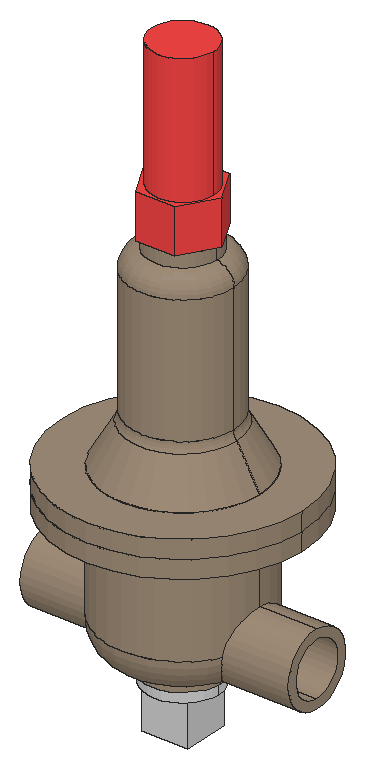
Revit family "Valve-Pressure_Relief-Cla_Val-55L_60-FNPT-SI--", category Pipe Accessories, Revit 2020
Family settings
  Round Connector Dimension = Use Radius
  Part Type = Valve - Breaks Into
  OmniClass Number = 23.65.55.00
  OmniClass Title = Distribution of Supplied Liquids/Gases
  Work Plane-Based = No
  Always vertical = Yes
  Cut with Voids When Loaded = No
  Shared = No
Parameters (values of type "ERROR_LOAD TYPE CATALOG")
  Version = 1
  Valve Plug Nut Width = Plug Mount Radius / 0.85  # 14.941 mm
  Valve Plug Nut Height = (Connection Axis to Valve Bottom - Threaded Female End Outside Radius) / 1.5  # 14.28 mm
  Valve Length = 88.9 mm
  Valve Flange Outside Diameter = 79.248 mm
  Valve Body Diameter = 50.8 mm
  Upper Flange Height = Threaded Female End Inside Diameter / 3  # 5.927 mm
  Valve Main Body Plug Circumscribe Length = Connection to Connection / 3.5  # 17.654 mm
  Valve Flange Outside Radius = Valve Flange Outside Diameter / 2  # 39.624 mm
  Threaded Female End Outside Radius = Threaded Female End Inside Diameter / 1.5  # 11.853 mm
  Threaded Female End Inside Radius = Threaded Female End Inside Diameter / 2  # 8.89 mm
  Threaded Female End Inside Diameter = 17.78 mm
  Threaded Female End Insertion Depth = 13.556 mm
  Symbol Sensor Radius = Tick Size / sqrt(3)  # 20.596 mm
  Symbol Line Offset = Symbol Stem Height + Tick Size / 2  # 48.731 mm
  Standards = "UL Listed and FM Approved"
  Series = "Pressure Relief Valves"
  Pressure Gauge Port Outside Radius = Pressure Gauge Port Outside Diameter / 2  # 5.144 mm
  Pressure Gauge Port Outside Diameter = 10.287 mm
  Plug Mount Radius = Cover Radius - ((Valve Body Radius - Cover Radius) / 2)  # 12.7 mm
  Nut Union Circumscribe Length = 31.28 mm
  Minimum Flow Rate Value = 0
  Minimum Flow Rate = 1.0 L/s * Minimum Flow Rate Value  # 0.0 L/s
  Maximum Flow Rate Value = 1.58
  Maximum Flow Rate = 1.0 L/s * Maximum Flow Rate Value  # 1.58 L/s
  K Coefficient Table = "Globe Valve Threaded"
  ENGworks Global = "http://www.ENGworksGlobal.com/"
  Cover Radius = Valve Body Diameter / 3  # 16.933 mm
  Connection Axis to Valve Top = 171.45 mm
  Cap Radius = Valve Body Diameter / 5  # 10.16 mm
  Cover Bevel Radius = (Valve Body Radius - Plug Mount Radius) / 2  # 6.35 mm
  Valve Body Radius = Valve Body Diameter / 2  # 25.4 mm
  Overall Height = 218.948 mm
  Minimum Operating Temperature = -17.778 °C
  Maximum Operating Temperature = 82.222 °C
  Lower Flange Height = Threaded Female End Inside Diameter / 3  # 5.927 mm
  Lock Nut Height = Overall Height / 15  # 14.597 mm
  Lock Nut Circumscribe Length = Cap Mount Radius * 2  # 22.578 mm
  Differential Pressure [instance] = 0 bar
  Default Elevation = 0 mm
  Valve Body Material = Metal - Cla-Val - Bronze
  Connection Axis to Valve Bottom = 33.274 mm
  built-in parameter 1114242 [instance] = 1
  Unit Weight = 0 kgf
  URL = "https://www.cla-val.com/"
  Tick Size = Connection to Connection / sqrt(3)  # 35.673 mm
  Symbol Stem Height = Connection to Connection / 2  # 30.894 mm
  Product Page URL = "https://www.cla-val.com/fire-protection/commercial-valves/pressure-relief-valves/55l-60"
  Plan Single Lines [instance] = not(Isometric Single Lines)  # yes
  Model = "55L-60"
  Maximum Working Pressure = 27.579 bar
  Manufacturer = "Cla_Val"  # constant formula
  Loss Method = K Coefficient
  K Coefficient = 3.717
  Isometric Single Lines [instance] = no
  Flow Rate [instance] = 0.0 L/s
  Flow Configuration = "In/Out"
  Description = "Pressure Relief Valve"
  Connection to Connection = Valve Length - (Threaded Female End Insertion Depth * 2)  # 61.788 mm
  Connection Type = "Female Thread"
  Connection Size = 15 mm
  Connection Radius = Connection Size / 2  # 7.5 mm
  Connection Axis to Lower Flange = Connection Axis to Valve Bottom  # 33.274 mm
  Cap Mount Radius = Valve Body Diameter / 4.5  # 11.289 mm
  Cap Mount Height = Overall Height / 50  # 4.379 mm
  Cap Material = Plastic - Cla-Val - Red
  Cap Height = Connection Axis to Valve Top / 3  # 57.15 mm
  CV (liters per second) = "0.38"
  Bottom Plug Material = Metal - Cla-Val - Stainless Steel
  Assembly Code = "D2090900"
Reference planes
  plane 1 "Center (Front/Back)": y = 0
  plane 2: z = 0
  plane 3 "Center (Left/Right)": x = 0
  plane 4: x = -30.894
  plane 5: x = 30.894
  plane 6: z = 109.921
  plane 7: z = -33.274
  plane 8: z = 171.45
  plane 9: x = -39.624
  plane 10: x = 39.624
  plane 11: x = 25.4
  plane 12: x = 16.933
  plane 13: z = 128.897
  plane 14: x = -30.1
  plane 15: x = 30.1
  plane 16: z = 33.274
  plane 17: z = 45.127
  plane 18: z = 114.3
  plane 19: z = 39.201
  plane 20: z = 114.3
  plane 21: z = -18.994
  plane 22: z = -11.853
  plane 23: x = 12.7
  plane 24: z = 0.847
  plane 25: z = -5.503
  plane 26: y = 7.471
  plane 27: y = -7.471
  plane 28: x = -7.471
  plane 29: x = 7.471
  plane 30: z = -15.423
  plane 31: x = -11.906
  plane 32: x = -12.7
  plane 33: z = -15.423
  plane 34: x = -44.45
  plane 35: x = 44.45
  plane 36: x = -44.45
  plane 37: x = 44.45
  plane 38: y = 39.624
  plane 39: z = 28.131
Forms (mm)
  Revolve 1, solid, material "Metal - Cla-Val - Bronze" <- "Valve Body Material", detail levels fine
    sketch origin (0, 0, 0) x (1, 0, 0) y (0, 0, 1)
      loop
        line (10.583, 109.921) -> (0, 109.921) -> (0, -15.423) -> (12.7, -15.423) -> (12.7, -11.853)
        arc (12.7, -11.853) -> (21.68, -8.134) -> (25.4, 0.847) r 12.7
        line (25.4, 0.847) -> (25.4, 45.127) -> (17.784, 58.319)
        arc (17.784, 58.319) -> (17.15, 59.85) -> (16.933, 61.494) r 6.35
        line (16.933, 61.494) -> (16.933, 103.571)
        arc (16.933, 103.571) -> (15.073, 108.061) -> (10.583, 109.921) r 6.35
      axis (0, -15.423) -> (0, 109.921)
    angle from 0 to 360
  Sweep 2, solid, material "Metal - Cla-Val - Bronze" <- "Valve Body Material", detail levels fine
    path origin (0, 0, 0) x (1, 0, 0) y (0, 0, 1)
      loop
        line (0, 39.201) -> (0, 33.274)
    profile "Profile-Pipe OR : Valve Bonnet Flange OR" origin (0, 0, 36.237) x (1, 0, 0) y (0, -1, 0)
      loop
        circle (0, 0) r 39.624
  Sweep 3, solid, material "Metal - Cla-Val - Bronze" <- "Valve Body Material", detail levels fine
    path origin (0, 0, 7.62) x (1, 0, 0) y (0, 0, 1)
      loop
        line (0, 37.507) -> (0, 31.581)
    profile "Profile-Pipe OR : Valve Bonnet Flange OR" origin (0, 0, 42.164) x (1, 0, 0) y (0, -1, 0)
      loop
        circle (0, 0) r 39.624
  Sweep 4, solid, material "Metal - Cla-Val - Bronze" <- "Valve Body Material", detail levels fine
    path origin (0, 0, 0) x (1, 0, 0) y (0, 0, 1)
      loop
        line (0, 109.921) -> (0, 114.3)
    profile "Profile-Pipe OR : Cap Mount OR" origin (0, 0, 112.111) x (-1, 0, 0) y (0, -1, 0)
      loop
        circle (0, 0) r 11.289
  Sweep 5, solid, material "Plastic - Cla-Val - Red" <- "Cap Material", detail levels fine
    path origin (0, 0, 0) x (1, 0, 0) y (0, 0, 1)
      loop
        line (0, 128.897) -> (0, 114.3)
    profile "Profile-Hex : Cap Hex Profile" origin (0, 0, 121.598) x (1, 0, 0) y (0, -1, 0)
      loop
        line (-6.518, -11.289) -> (6.518, -11.289) -> (13.035, 0) -> (6.518, 11.289) -> (-6.518, 11.289) -> (-13.035, 0) -> (-6.518, -11.289)
  Sweep 6, solid, material "Plastic - Cla-Val - Red" <- "Cap Material", detail levels fine
    path origin (0, 0, 0) x (1, 0, 0) y (0, 0, 1)
      loop
        line (0, 171.45) -> (0, 114.3)
    profile "Profile-Pipe OR : Cap OR" origin (0, 0, 142.875) x (1, 0, 0) y (0, -1, 0)
      loop
        circle (0, 0) r 10.16
  Sweep 7, solid, not visible, detail levels fine
    path origin (0, 0, 0) x (1, 0, 0) y (0, 0, 1)
      loop
        line (-30.894, 0) -> (-30.1, 0)
    profile "Profile-Pipe OR : Connection Disc Profile" origin (-30.497, 0, 0) x (0, 0, 1) y (0, -1, 0)
      loop
        circle (0, 0) r 1.588
  Sweep 8, solid, not visible, detail levels fine
    path origin (0, 0, 0) x (1, 0, 0) y (0, 0, 1)
      loop
        line (30.894, 0) -> (30.1, 0)
    profile "Profile-Pipe OR : Connection Disc Profile" origin (30.497, 0, 0) x (0, 0, -1) y (0, -1, 0)
      loop
        circle (0, 0) r 1.588
  Sweep 9, solid, material "Metal - Cla-Val - Bronze" <- "Valve Body Material", detail levels fine
    path origin (0, 0, 0) x (1, 0, 0) y (0, 0, 1)
      loop
        line (-44.45, 0) -> (44.45, 0)
    profile "Profile-Pipe OR : Female Thread OR" origin (0, 0, 0) x (0, 0, 1) y (0, -1, 0)
      loop
        circle (0, 0) r 11.853
  Sweep 10, solid, material "Metal - Cla-Val - Stainless Steel" <- "Bottom Plug Material", detail levels fine
    path origin (0, 0, 0) x (1, 0, 0) y (0, 0, 1)
      loop
        line (0, -18.994) -> (0, -33.274)
    profile origin (0, 0, -26.134) x (0, -1, 0) y (1, 0, 0)
      loop
        line (-7.471, -7.471) -> (7.471, -7.471) -> (7.471, 7.471) -> (-7.471, 7.471) -> (-7.471, -7.471)
  Revolve 11, solid, material "Metal - Cla-Val - Stainless Steel" <- "Bottom Plug Material", detail levels fine
    sketch origin (0, 0, 0) x (1, 0, 0) y (0, 0, 1)
      loop
        line (-11.906, -15.423) -> (-11.906, -18.994) -> (0, -18.994) -> (0, -15.423) -> (-11.906, -15.423)
      axis (0, -15.423) -> (0, -18.994)
    angle from 0 to 360
  Sweep 12, void
    path origin (0, 0, 0) x (1, 0, 0) y (0, 0, 1)
      loop
        line (-30.894, 0) -> (-44.45, 0)
    profile "Profile-Pipe OR : Female Thread IR" origin (-37.672, 0, 0) x (0, 0, -1) y (0, -1, 0)
      loop
        circle (0, 0) r 8.89
  Sweep 13, void
    path origin (0, 0, 0) x (1, 0, 0) y (0, 0, 1)
      loop
        line (30.894, 0) -> (44.45, 0)
    profile "Profile-Pipe OR : Female Thread IR" origin (37.672, 0, 0) x (0, 0, 1) y (0, -1, 0)
      loop
        circle (0, 0) r 8.89
  Sweep 14, solid, material "Metal - Cla-Val - Bronze" <- "Valve Body Material", detail levels fine
    path origin (-344.546, -4572, 28.131) x (-1, 0, 0) y (0, -1, 0)
      loop
        line (-344.546, -4572) -> (-344.546, -4611.624)
    profile "Profile-Pipe OR : Pressure Gauge Port OR" origin (0, 19.812, 28.131) x (-1, 0, 0) y (0, 0, 1)
      loop
        circle (0, 0) r 5.144
Cuts and joins
  Sweep 12, Sweep 13 cuts Sweep 9
  joined: Sweep 9, Sweep 14
  joined: Sweep 10, Revolve 11
Lines and regions (mm)
  model lines, visible <- "Plan Single Lines", detail levels coarse+medium
    curve 1: line (-30.894, 17.837, 0) -> (-30.894, -17.837, 0)
    curve 2: line (30.894, 17.837, 0) -> (30.894, -17.837, 0)
    curve 11: line (-30.894, 17.837, 0) -> (30.894, -17.837, 0)
    curve 12: line (30.894, 17.837, 0) -> (-30.894, -17.837, 0)
    curve 13: line (-17.837, 30.894, 0) -> (17.837, 30.894, 0)
    curve 14: line (0, 0, 0) -> (0, 30.894, 0)
    curve 15: arc (-17.837, 30.894, 0) -> (0, 41.192, 0) -> (17.837, 30.894, 0) r 20.596
    curve 16: line (0, 48.731, 0) -> (-48.731, 48.731, 0)
    curve 17: line (0, 0, 0) -> (-48.731, 48.731, 0)
    curve 18: line (0, 48.731, 0) -> (0, 41.192, 0)
  model lines, visible <- "Isometric Single Lines", detail levels coarse+medium
    curve 3: line (-30.894, 0, -17.837) -> (-30.894, 0, 17.837)
    curve 4: line (30.894, 0, 17.837) -> (30.894, 0, -17.837)
    curve 5: line (-30.894, 0, 17.837) -> (30.894, 0, -17.837)
    curve 6: line (30.894, 0, 17.837) -> (-30.894, 0, -17.837)
    curve 7: line (-17.837, 0, 30.894) -> (17.837, 0, 30.894)
    curve 8: arc (-17.837, 0, 30.894) -> (0, 0, 41.192) -> (17.837, 0, 30.894) r 20.596
    curve 9: line (0, 0, 48.731) -> (-48.731, 0, 48.731)
    curve 10: line (0, 0, 48.731) -> (0, 0, 41.192)
    curve 19: line (0, 0, 0) -> (-48.731, 0, 48.731)
    curve 20: line (0, 0, 30.894) -> (0, 0, 0)
Dimensions and locks
  equal spacing: plane 5, plane 3 "Center (Left/Right)", plane 4
  "Connection to Connection": plane 4 to plane 5
  equal spacing: curve 1, plane 1 "Center (Front/Back)", curve 1
  equal spacing: curve 2, plane 1 "Center (Front/Back)", curve 2
  "Tick Size": curve 1 to curve 1
  "Tick Size": curve 2 to curve 2
  equal spacing: curve 3, plane 2, curve 3
  equal spacing: curve 4, plane 2, curve 4
  "Tick Size": curve 3 to curve 3
  "Tick Size": curve 4 to curve 4
  "Connection Axis to Valve Bottom": plane 2 to plane 7
  equal spacing: curve 7, plane 3 "Center (Left/Right)", curve 7
  "Symbol Stem Height": curve 7 to plane 2
  "Tick Size": curve 8 to curve 8
  "Symbol Line Offset": curve 9 to plane 2
  equal spacing: curve 13, plane 3 "Center (Left/Right)", curve 13
  "Symbol Stem Height": plane 1 "Center (Front/Back)" to curve 13
  "Tick Size": curve 13 to curve 13
  "Symbol Line Offset": plane 1 "Center (Front/Back)" to curve 16
  "Symbol Line Offset": curve 17 to plane 3 "Center (Left/Right)"
  "Symbol Line Offset": plane 3 "Center (Left/Right)" to curve 19
  "Valve Flange Outside Radius": plane 10 to plane 3 "Center (Left/Right)" to plane 9
  locked: plane 14 to plane 4 at 0.794
  locked: plane 5 to plane 15 at 0.794
  "Connection Axis to Lower Flange": plane 16 to plane 2
  "Cover Radius": plane 12 to plane 3 "Center (Left/Right)"
  "Valve Body Radius": plane 11 to plane 3 "Center (Left/Right)"
  "Cap Mount Height": plane 18 to plane 6
  "Lower Flange Height": plane 19 to plane 16
  "Upper Flange Height": plane 17 to plane 19
  "Cap Height": plane 8 to plane 20
  "Lock Nut Height": plane 13 to plane 20
  "Cap Mount Height": plane 20 to plane 6
  "Valve Plug Nut Height": plane 21 to plane 7
  "Plug Mount Radius": plane 23 to plane 3 "Center (Left/Right)"
  "Cover Bevel Radius": plane 24 to plane 25 to plane 22
  "Connection Axis to Valve Top": plane 8 to plane 2
  "Threaded Female End Outside Radius": plane 2 to plane 22
  equal spacing: plane 27, plane 1 "Center (Front/Back)", plane 26
  equal spacing: plane 28, plane 3 "Center (Left/Right)", plane 29
  "Valve Plug Nut Width": plane 26 to plane 27
  "Valve Plug Nut Width": plane 28 to plane 29
  equal spacing: plane 22, plane 30, plane 21
  "Plug Mount Radius": plane 3 "Center (Left/Right)" to plane 32
  locked: plane 31 to plane 32 at 0.794
  equal spacing: plane 22, plane 33, plane 21
  equal spacing: plane 35, plane 3 "Center (Left/Right)", plane 34
  "Valve Length": plane 35 to plane 34
  "Threaded Female End Insertion Depth": plane 36 to plane 4
  "Threaded Female End Insertion Depth": plane 37 to plane 5
  "Valve Flange Outside Radius": plane 1 "Center (Front/Back)" to plane 38
  "Pressure Gauge Port Outside Radius": plane 16 to plane 39
  "Symbol Sensor Radius": radius of curve 8
  "Symbol Sensor Radius": radius of curve 15
  "Cover Bevel Radius": radius of Revolve 1 sketch curve  (x2)
  locked: curve 7 to plane 3 "Center (Left/Right)" (angle 90.00°)
  locked: curve 9 to plane 3 "Center (Left/Right)" (angle 90.00°)
  locked: curve 13 to plane 3 "Center (Left/Right)" (angle 90.00°)
  locked: curve 17 to plane 1 "Center (Front/Back)" (angle 45.00°)
  locked: curve 16 to plane 3 "Center (Left/Right)" (angle 90.00°)
  locked: curve 19 to plane 2 (angle 45.00°)
  locked: plane 12 to Revolve 1 sketch curve (angle 30.00°)
  aligned and locked: level to plane 2
  aligned and locked: plane 4 to curve 1
  aligned and locked: plane 5 to curve 2
  aligned and locked: curve 18 to plane 3 "Center (Left/Right)"
  aligned and locked: plane 3 "Center (Left/Right)" to curve 17
  aligned and locked: plane 2 to curve 17
  aligned and locked: plane 4 to curve 5
  aligned and locked: plane 4 to curve 12
  aligned and locked: plane 5 to curve 12
  aligned and locked: plane 5 to curve 11
  aligned and locked: plane 4 to curve 11
  aligned and locked: plane 5 to curve 4
  aligned and locked: curve 3 to plane 4
  aligned and locked: curve 10 to plane 3 "Center (Left/Right)"
  aligned and locked: plane 2 to curve 19
  aligned and locked: curve 20 to plane 3 "Center (Left/Right)"
  aligned and locked: plane 13 to Sweep 5 sketch curve
  aligned and locked: plane 8 to Sweep 6 sketch curve
  aligned and locked: plane 4 to Sweep 7 sketch curve
  aligned and locked: plane 14 to Sweep 7 sketch curve
  aligned and locked: plane 2 to Sweep 8 sketch curve
  aligned and locked: plane 5 to Sweep 8 sketch curve
  aligned and locked: plane 15 to Sweep 8 sketch curve
  aligned and locked: plane 3 "Center (Left/Right)" to Sweep 4 sketch curve
  aligned and locked: Sweep 5 sketch curve to plane 3 "Center (Left/Right)"
  aligned and locked: Sweep 6 sketch curve to plane 3 "Center (Left/Right)"
  aligned and locked: Sweep 2 sketch curve to plane 3 "Center (Left/Right)"
  aligned and locked: Sweep 3 sketch curve to plane 3 "Center (Left/Right)"
  aligned and locked: plane 16 to Sweep 2 sketch curve
  aligned and locked: plane 17 to Sweep 3 sketch curve
  aligned and locked: plane 6 to Revolve 1 sketch curve
  aligned and locked: Revolve 1 sketch curve to plane 11
  aligned and locked: Revolve 1 sketch curve to plane 3 "Center (Left/Right)"
  aligned and locked: plane 3 "Center (Left/Right)" to Revolve 1 sketch curve
  aligned and locked: plane 8 to Revolve 1 sketch curve
  aligned and locked: plane 7 to Revolve 1 sketch curve
  aligned and locked: plane 6 to Sweep 4 sketch curve
  aligned and locked: plane 12 to Revolve 1 sketch curve
  aligned and locked: plane 11 to Revolve 1 sketch curve
  aligned and locked: plane 17 to Revolve 1 sketch curve
  aligned and locked: Sweep 7 sketch curve to plane 2
  aligned and locked: plane 18 to Sweep 6 sketch curve
  aligned and locked: Sweep 9 sketch curve to plane 2
  aligned and locked: plane 19 to Sweep 2 sketch curve
  aligned and locked: plane 19 to Sweep 3 sketch curve
  aligned and locked: plane 20 to Sweep 4 sketch curve
  aligned and locked: plane 23 to Revolve 1 sketch curve  (x2)
  aligned and locked: plane 22 to Revolve 1 sketch curve
  aligned and locked: Sweep 10 sketch curve to plane 3 "Center (Left/Right)"
  aligned and locked: plane 21 to Sweep 10 sketch curve
  aligned and locked: plane 7 to Sweep 10 sketch curve
  aligned and locked: Sweep 10 sketch curve to plane 26
  aligned and locked: plane 28 to Sweep 10 sketch curve
  aligned and locked: Sweep 10 sketch curve to plane 27
  aligned and locked: Sweep 10 sketch curve to plane 29
  aligned and locked: Revolve 1 sketch curve to plane 30
  aligned and locked: plane 21 to Revolve 11 sketch curve  (x2)
  aligned and locked: Revolve 11 sketch curve to plane 3 "Center (Left/Right)"  (x2)
  aligned and locked: Revolve 11 sketch curve to plane 33
  aligned and locked: plane 31 to Revolve 11 sketch curve
  aligned and locked: plane 7 to Revolve 11 sketch curve
  aligned and locked: plane 34 to Sweep 9 sketch curve
  aligned and locked: plane 35 to Sweep 9 sketch curve
  aligned and locked: plane 2 to Sweep 12 sketch curve
  aligned and locked: plane 4 to Sweep 12 sketch curve
  aligned and locked: plane 36 to Sweep 12 sketch curve
  aligned and locked: Sweep 13 sketch curve to plane 2
  aligned and locked: plane 37 to Sweep 13 sketch curve
  aligned and locked: plane 5 to Sweep 13 sketch curve
  aligned and locked: plane 3 "Center (Left/Right)" to Sweep 14 sketch curve
  aligned and locked: plane 1 "Center (Front/Back)" to Sweep 14 sketch curve
  aligned and locked: plane 38 to Sweep 14 sketch curve
Automatic sketch dimensions
  plane 1 "Center (Front/Back)" to curve 14 = 0 mm
  Sweep 5 sketch curve to plane 20 = 0 mm
  Revolve 1 sketch curve to plane 24 = 0 mm
Connectors
  piping at (30.894, 0, 0), diameter 15, driven by "Connection Radius", driven by "Flow Rate"
    settings: on Sweep 8, index 1, connector inside diameter 609.6 mm, connector length 0 mm, flow factor 0, pipe flow 0.0 L/s, pressure drop 0 bar, fitting loss kfactor 0, connector angle 0.00°, fixture units 0, engagement length 0 mm, angle of deflection 0.00°, flow configuration 0, flow direction 2, fitting loss method 0, system type 29, joint type 0, gender type 0, connector reference index -1, connector utility 0, adjustable connector no, is connector primary yes, connector description ""
  piping at (-30.894, 0, 0), diameter 15, driven by "Connection Radius", driven by "Flow Rate", driven by "K Coefficient"
    settings: on Sweep 7, index 2, connector inside diameter 609.6 mm, connector length 0 mm, flow factor 0, pipe flow 0.0 L/s, pressure drop 0 bar, fitting loss kfactor 3.717, connector angle 0.00°, fixture units 0, engagement length 0 mm, angle of deflection 0.00°, flow configuration 1, flow direction 1, fitting loss method 2, system type 29, joint type 0, gender type 0, connector reference index -1, connector utility 0, adjustable connector no, is connector primary no, connector description ""
